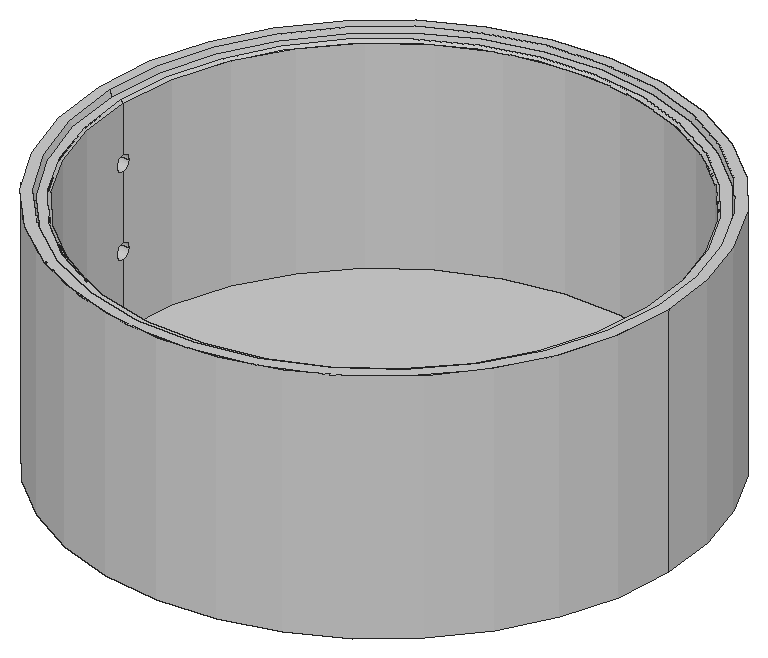
Revit family "KODF 20.9", category Фундамент несущей конструкции, Revit 2025
Family settings
  Материал для поведения модели = Прочее
  Заглушка = Нет
  Номер OmniClass = 23.25.05.00
  Заголовок OmniClass = Foundations
  На основе рабочей плоскости = Нет
  Всегда вертикально = Да
  При загрузке вырезать с полостями = Нет
  Общий = Нет
  Показывать семейство разрезанным на планах = Да
Parameters
  Петля = Петля_П1_П2 : П2
Reference planes
  plane 1 "По центру (Вперед/Назад)": y = -35
  plane 2: z = 0
  plane 3 "По центру (Влево/Вправо)": x = 0
  plane 4: z = 910
  plane 5: through (-1054.295, -4572, 890) normal (-0.9408, 0, -0.3389)
  plane 6: z = 890
  plane 7: z = 880
  plane 8: through (-1010, -4572, 880) normal (-0.7071, 0, -0.7071)
  plane 9: x = -1010
  plane 10: x = -1100
  plane 11: x = -1061.5
  plane 12: z = 370
  plane 13: x = -1090
  plane 14: x = 1010
  plane 15: x = 1100
  plane 16: x = 1090
  plane 17: through (1054.295, -4572, 890) normal (-0.9408, 0, 0.3389)
  plane 18: through (1010, -4572, 880) normal (-0.7071, 0, 0.7071)
  plane 19: x = 1061.5
  plane 20: z = 675
Forms (mm)
  Extrusion 1, solid, material "Бетон В15"
    sketch origin (0, 0, 0) x (1, 0, 0) y (0, 1, 0)
      loop
        circle (0, -35) r 1100
      loop
        circle (0, -35) r 1010
    from 0 to 910
  Blend 2, void
    base sketch origin (0, 0, 0) x (1, 0, 0) y (0, 1, 0)
      loop
        circle (0, -35) r 1010
    top sketch origin (0, 0, 0) x (1, 0, 0) y (0, 1, 0)
      loop
        circle (0, -35) r 1020
    from 880 to 890
  Blend 3, void
    base sketch origin (0, 0, 0) x (1, 0, 0) y (0, 1, 0)
      loop
        circle (0, -35) r 1054.295
    top sketch origin (0, 0, 0) x (1, 0, 0) y (0, 1, 0)
      loop
        circle (0, -35) r 1061.5
    from 890 to 910
  Extrusion 4, void
    sketch origin (0, 0, 0) x (0, 1, 0) y (0, 0, 1)
      loop
        circle (-35, 370) r 30
    from -1090 to 1090
  Extrusion 5, solid, material "Бетон В15"
    sketch origin (0, 0, 0) x (1, 0, 0) y (0, 1, 0)
      loop
        circle (0, -35) r 1010
    from 0 to 100
  Extrusion 6, void
    sketch origin (0, 0, 305) x (0, 1, 0) y (0, 0, 1)
      loop
        circle (-35, 370) r 30
    from -1090 to 1090
Cuts and joins
  Blend 2, Blend 3, Extrusion 4, Extrusion 6 cuts Extrusion 1
  Extrusion 6 cuts Extrusion 5
  joined: Extrusion 1, Extrusion 5
Dimensions and locks
  plane 4 to level = 910 mm
  plane 12 to level = 370 mm
  plane 20 to plane 12 = 305 mm
  aligned and locked: plane 2 to level
